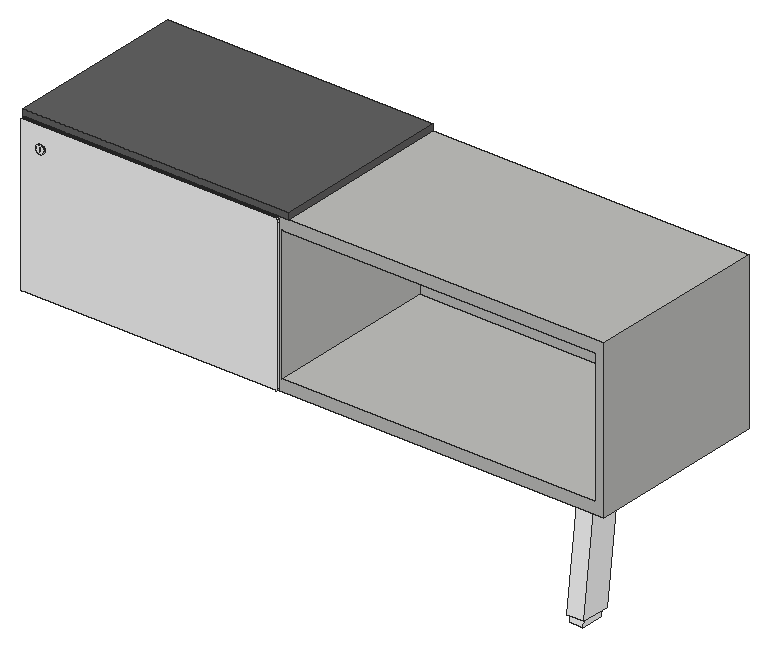
Revit family "Storage-Mounted-Teknion-JNBDO-Open_Credenza_with_Lateral_File-R2015", category Furniture, Revit 2015
Parameters (values of type "Double-Sided Beam")
  Width [instance] = 54.000"
  Warranty = "http://www.teknion.com/ca/papers/legal-canada"
  Unit Weight URL = "http://www.teknion.com/ca/tools/assets#&asset=bee6a381-b954-425e-8283-5a2de3a804f2,f828d448-4b62-4231-9e5f-9a8991c0ed77"
  URL = "www.teknion.com"
  Sustainability Data = "http://www.teknion.com/ca/tools/assets#&topic=216f99a5-57a0-44fc-b10a-9dee9b29ae4c&asset=444deb64-fe58-4b68-981e-f75e97781df7"
  Sizes Note [instance] = "Available Depths are 18 and 24 inches. Available Widths range from 54 to 84 inches in 6 inch increments."  # constant formula
  Single-Sided Beam Configuration = not([Double-Sided Beam Configuration])  # no
  Series = "Expansion Cityline"  # constant formula
  Seat Pad Width [instance] = 24.000"
  Seat Finish [instance] = Fabric-Teknion-RB11-Carbon
  Product Page URL = "http://www.teknion.com/ca/products/product-details?productlineid=9ad2a26e-8e7a-673b-a6c8-ff05004460c4"
  Product Line = "Expansion Cityline"  # constant formula
  Product Documentation Link = "http://www.teknion.com/pricing/expansion-cityline/pdfs/JNBDO_ppg.pdf"
  Part Number = "JNBDO"  # constant formula
  Note [instance] = "If Metal Front Style Option is selected, please choose a Foundation, Mica, or Accent Finish. If Solid Front Style is selected, please choose between a Source Laminate or Foundation Laminate Finish."  # constant formula
  Model = "JNBDO"  # constant formula
  Manufacturer Phone = "416-661-3370"  # constant formula
  Manufacturer Fax = "416.661.4586"  # constant formula
  Manufacturer Contact Information = "http://www.teknion.com/ca/contactus"
  Manufacturer Address = "1150 Flint Road, Toronto, ON. M3J 2J5. Canada"  # constant formula
  Manufacturer = "Teknion"  # constant formula
  Height [instance] = 24.12496"
  Has Two Feet Option [instance] = not(Has One Foot Option)  # no
  Has Solid Front Style [instance] = not(Has Metal Front Style)  # no
  Has Right Felt Seat Pad [instance] = no
  Has One Foot Option [instance] = yes
  Has Metal Front Style [instance] = yes
  Has Left Felt Seat Pad [instance] = yes
  Front Finish [instance] = Mica - Teknion - V - Satin - Very White
  Foot Finish [instance] = Mica - Teknion - V - Satin - Very White
  Double-Sided Beam Configuration = yes
  Description = "Semi-Suspended Credenza – Open with Lateral File, Double-Sided"
  Depth of Cabinet Door [instance] = if(Has Metal Front Style, 0.118", if(Has Solid Front Style, 0.701", 0.118"))  # 0.118"
  Depth [instance] = 18.000"
  Front Storage Cabinet Length [instance] = if(Width = 54.000", 23.370", if(Width = 60.000", 29.370", if(Width > 65.000", 35.370", 23.370")))  # 23.370"
  Case Finish [instance] = Source Laminate - Teknion - RV - Very White
  Assembly Code = "E2020200"
  Actual Width [instance] = if(Has One Foot Option, Width - 1.500", Width)  # 52.500"
  Actual Depth [instance] = if([Double-Sided Beam Configuration], Depth - 1.693", Depth - 3.386")  # 16.307"
Types (2): name | Single-Sided Beam Configuration | Has Right Felt Seat Pad | Double-Sided Beam Configuration | Description | Actual Depth
  Double-Sided Beam | no | no | yes | "Semi-Suspended Credenza – Open with Lateral File, Double-Sided" | 16.307"
  Single-Sided Beam | yes | yes | no | "Semi-Suspended Credenza – Open with Lateral File, Single-Sided" | 14.614"
Reference planes (in)
  plane 1 "Center Front/Back": y = 0
  plane 2: z = 0
  plane 3 "Center Left/Right": x = 0
  plane 4 "Left": x = -26.25
  plane 5 "Right": x = 26.25
  plane 6 "Back": y = 8.15354
  plane 7 "Front": y = -8.15346
  plane 8 "Top": z = 24.12496
  plane 9: z = 10
  plane 10: y = 7.41339
  plane 11: x = 25.54921
  plane 12: x = -2.88
  plane 13: z = 23.10921
  plane 14: y = -8.35031
  plane 15: y = -8.46831
  plane 16: y = -8.71831
  plane 17: z = 0.60236
  plane 18: x = 22.48228
  plane 19: x = 24.01772
  plane 20: x = 22.65748
  plane 21: x = 23.84252
  plane 22: y = 9.84644
  plane 23: x = -27.75
  plane 24: x = -22.48228
  plane 25: x = -24.01772
  plane 26: x = -22.65748
  plane 27: x = -23.84252
Forms (in)
  Extrusion 1, solid, material "Source Laminate - Teknion - RV - Very White" <- "Case Finish"
    sketch origin (0, 0, 0) x (1, 0, 0) y (0, 1, 0)
      loop
        line (-26.25, 8.15354) -> (-26.25, -8.15346) -> (26.25, -8.15346) -> (26.25, 8.15354) -> (-26.25, 8.15354)
    from 10 to 24.12496
  Extrusion 2, void
    sketch origin (0, 0, 0) x (1, 0, 0) y (0, 0, 1)
      loop
        line (-2.88, 23.10921) -> (-2.88, 11.01575) -> (25.54921, 11.01575) -> (25.54921, 23.10921) -> (-2.88, 23.10921)
    from -7.41339 to 8.15346
  Extrusion 3, solid, material "Mica - Teknion - V - Satin - Very White" <- "Front Finish"
    sketch origin (0, 0, 0) x (1, 0, 0) y (0, 0, 1)
      loop
        line (-26.25, 23.81591) -> (-26.25, 10.36811)
        arc (-26.25, 10.36811) -> (-26.17736, 10.19075) -> (-26, 10.11811) r 0.24803
        line (-26, 10.11811) -> (-3.18906, 10.11811)
        arc (-3.18906, 10.11811) -> (-3.01169, 10.19075) -> (-2.93905, 10.36811) r 0.24803
        line (-2.93905, 10.36811) -> (-2.93905, 23.81591)
        arc (-2.93905, 23.81591) -> (-3.01169, 23.99327) -> (-3.18906, 24.06591) r 0.24803
        line (-3.18906, 24.06591) -> (-26, 24.06591)
        arc (-26, 24.06591) -> (-26.17736, 23.99327) -> (-26.25, 23.81591) r 0.24803
    from 8.35031 to 8.46831
  Extrusion 4, void
    sketch origin (0, 0, 0) x (1, 0, 0) y (0, 0, 1)
      loop
        circle (-24.41953, 22.17662) r 0.39415
    from 8.35031 to 8.71831
  Extrusion 5, solid, material "Mica - Teknion - V - Satin - Very White"
    sketch origin (0, 0, 0) x (1, 0, 0) y (0, 0, 1)
      loop
        circle (-24.41953, 22.17662) r 0.39415
      loop
        line (-24.4685, 21.98913) -> (-24.37007, 21.98913) -> (-24.37007, 22.36315) -> (-24.4685, 22.36315) -> (-24.4685, 21.98913)
    from 8.35031 to 8.52736
  Extrusion 6, solid, material "Mica - Teknion - V - Satin - Very White" <- "Foot Finish"
    sketch origin (0, 0, 0) x (0, 1, 0) y (0, 0, 1)
      loop
        line (-6.37615, 10) -> (-7.61337, 0.60236) -> (-5.0918, 0.60236) -> (-3.85458, 10) -> (-6.37615, 10)
    from 22.48228 to 24.01772
  Extrusion 7, solid, material "Mica - Teknion - V - Satin - Very White" <- "Foot Finish"
    sketch origin (0, 0, 0) x (0, 1, 0) y (0, 0, 1)
      loop
        line (-5.51965, 0) -> (-5.44035, 0.60236) -> (-7.47439, 0.60236) -> (-7.55369, 0) -> (-5.51965, 0)
    from 22.65748 to 23.84252
  Extrusion 8, solid, material "Mica - Teknion - V - Satin - Very White" <- "Foot Finish", visible <- "Has Two Feet Option"
    sketch origin (0, 0, 0) x (0, 1, 0) y (0, 0, -1)
      loop
        line (-6.37615, -10) -> (-3.85458, -10) -> (-5.0918, -0.60236) -> (-7.61337, -0.60236) -> (-6.37615, -10)
    from 22.48228 to 24.01772
  Extrusion 9, solid, material "Mica - Teknion - V - Satin - Very White" <- "Foot Finish", visible <- "Has Two Feet Option"
    sketch origin (0, 0, 0) x (0, 1, 0) y (0, 0, -1)
      loop
        line (-5.51965, 0) -> (-7.55369, 0) -> (-7.47439, -0.60236) -> (-5.44035, -0.60236) -> (-5.51965, 0)
    from 22.65748 to 23.84252
  Extrusion 10, solid, material "Fabric-Teknion-RB11-Carbon" <- "Seat Finish", visible <- "Has Left Felt Seat Pad"
    sketch origin (0, 0, 0) x (1, 0, 0) y (0, 1, 0)
      loop
        line (-26.25, 8.15354) -> (-26.25, -8.15346) -> (-2.25, -8.15346) -> (-2.25, 8.15354) -> (-26.25, 8.15354)
    from 24.12496 to 24.67618
  Extrusion 11, solid, material "Fabric-Teknion-RB11-Carbon" <- "Seat Finish", visible <- "Has Right Felt Seat Pad"
    sketch origin (0, 0, 0) x (-1, 0, 0) y (0, -1, 0)
      loop
        line (-26.25, -8.15354) -> (-2.25, -8.15354) -> (-2.25, 8.15346) -> (-26.25, 8.15346) -> (-26.25, -8.15354)
    from 24.12496 to 24.67618
Cuts and joins
  Extrusion 2 cuts Extrusion 1
  Extrusion 4 cuts Extrusion 3
Lines and regions (in)
  Masking region 1
    outline origin (0, 0, 0) x (1, 0, 0) y (0, 1, 0)
      loop
        line (-26.25, 8.15354) -> (-26.25, -8.15346) -> (26.25, -8.15346) -> (26.25, 8.15354) -> (-26.25, 8.15354)
  Masking region 2, visible <- "Has Two Feet Option", detail levels medium+fine
    outline origin (0, 0, 0) x (1, 0, 0) y (0, 1, 0)
      loop
        line (-24.01772, -3.85458) -> (-24.01772, -7.61337) -> (-22.48228, -7.61337) -> (-22.48228, -3.85458) -> (-24.01772, -3.85458)
  Masking region 3, detail levels medium+fine
    outline origin (0, 0, 0) x (1, 0, 0) y (0, 1, 0)
      loop
        line (24.01772, -3.85458) -> (22.48228, -3.85458) -> (22.48228, -7.61337) -> (24.01772, -7.61337) -> (24.01772, -3.85458)
  Masking region 4
    outline origin (0, 0, 0) x (1, 0, 0) y (0, 1, 0)
      loop
        line (-2.93905, -8.46831) -> (-2.93905, -8.35031) -> (-26.25, -8.35031) -> (-26.25, -8.46831) -> (-2.93905, -8.46831)
  Masking region 5, visible <- "Has Left Felt Seat Pad"
    outline origin (0, 0, 0) x (1, 0, 0) y (0, 1, 0)
      loop
        line (-2.25, -8.15346) -> (-2.25, 8.15354) -> (-26.25, 8.15354) -> (-26.25, -8.15346) -> (-2.25, -8.15346)
  Masking region 6, visible <- "Has Right Felt Seat Pad"
    outline origin (0, 0, 0) x (1, 0, 0) y (0, 1, 0)
      loop
        line (2.25, 8.15354) -> (2.25, -8.15346) -> (26.25, -8.15346) -> (26.25, 8.15354) -> (2.25, 8.15354)
  symbolic lines, style "FurnitureHiddenLines", visible <- "Has Two Feet Option", detail levels fine
    curve 1: line (-23.84252, -5.44035, 0) -> (-23.84252, -7.55369, 0)
    curve 2: line (-22.65748, -5.44035, 0) -> (-23.84252, -5.44035, 0)
    curve 3: line (-22.65748, -7.55369, 0) -> (-22.65748, -5.44035, 0)
    curve 4: line (-23.84252, -7.55369, 0) -> (-22.65748, -7.55369, 0)
  symbolic lines, style "FurnitureHiddenLines", detail levels fine
    curve 5: line (-2.88, 7.41339, 0) -> (-2.88, -8.15346, 0)
    curve 6: line (25.54921, 7.41339, 0) -> (-2.88, 7.41339, 0)
    curve 7: line (25.54921, -8.15346, 0) -> (25.54921, 7.41339, 0)
    curve 8: line (23.84252, -5.44035, 0) -> (22.65748, -5.44035, 0)
    curve 9: line (22.65748, -5.44035, 0) -> (22.65748, -7.55369, 0)
    curve 10: line (22.65748, -7.55369, 0) -> (23.84252, -7.55369, 0)
    curve 11: line (23.84252, -7.55369, 0) -> (23.84252, -5.44035, 0)
Dimensions and locks (in)
  "Actual Width": plane 4 "Left" to plane 5 "Right"
  "Actual Depth": plane 6 "Back" to plane 7 "Front"
  "Height": plane 8 "Top" to level
  locked: plane 8 "Top" to plane 9 at 14.12496
  locked: plane 8 "Top" to plane 13 at 1.01575
  locked: plane 14 to plane 7 "Front" at 0.19685
  locked: plane 15 to plane 16 at 0.25
  Extrusion 5 sketch curve to plane 4 "Left" = 1.83047"
  Extrusion 5 sketch curve to Extrusion 5 sketch curve to plane 4 "Left" = 0.09843" locked, 1.7815" locked
  plane 8 "Top" to Extrusion 5 sketch curve to Extrusion 5 sketch curve = 1.76181" locked, 0.37402" locked
  locked: Extrusion 5 to plane 15 at 0.05906
  locked: plane 17 to plane 2 at 0.60236
  Extrusion 6 sketch curve to Extrusion 6 sketch curve to Extrusion 6 sketch curve to Extrusion 6 sketch curve to plane 7 "Front" = 1.23722" locked, 1.28435" locked, 1.23722" locked, 0.54009" locked
  plane 6 "Back" to plane 1 "Center Front/Back" to plane 7 "Front" = 8.15354", 8.15346"
  equal spacing: plane 4 "Left", plane 3 "Center Left/Right", plane 5 "Right"
  plane 18 to plane 19 to plane 11 = 1.53543" locked, 1.5315" locked
  locked: plane 11 to plane 5 "Right" at 0.70079
  locked: Extrusion 7 sketch curve to plane 7 "Front" at 0.67907
  locked: Extrusion 7 sketch curve to plane 7 "Front" at 2.71311
  Extrusion 7 sketch curve to Extrusion 7 sketch curve to plane 7 "Front" = 2.03404" locked, 0.59977" locked
  locked: plane 18 to plane 20 at 0.1752
  locked: plane 21 to plane 19 at 0.1752
  "Depth of Cabinet Door": plane 14 to plane 15
  plane 12 to Extrusion 3 sketch curve to Extrusion 3 sketch curve to Extrusion 3 sketch curve = 0.05905" locked, 0.24803" locked, 0.000" locked
  Extrusion 8 sketch curve to Extrusion 8 sketch curve to Extrusion 8 sketch curve to Extrusion 8 sketch curve to plane 7 "Front" = 1.23722" locked, 1.28435" locked, 1.23722" locked, 0.54009" locked
  plane 24 to plane 25 to plane 4 "Left" = 1.53543" locked, 2.23228" locked
  Extrusion 9 sketch curve to Extrusion 9 sketch curve to plane 7 "Front" = 2.03404" locked, 0.59977" locked
  locked: plane 24 to plane 26 at 0.1752
  locked: plane 27 to plane 25 at 0.1752
  locked: Extrusion 3 sketch curve to plane 4 "Left" at 0.24803  (x2)
  plane 8 "Top" to Extrusion 3 sketch curve to Extrusion 3 sketch curve = 0.05906" locked, 0.24803" locked
  Extrusion 3 sketch curve to Extrusion 3 sketch curve to plane 9 = 0.24803" locked, 0.11811" locked
  "Front Storage Cabinet Length": plane 4 "Left" to plane 12
  locked: Extrusion 10 to plane 8 "Top" at 0.55122
  "Seat Pad Width": Extrusion 10 sketch curve to Extrusion 10 sketch curve
  "Seat Pad Width": Extrusion 11 sketch curve to Extrusion 11 sketch curve
  locked: Extrusion 6 sketch curve to plane 17 (angle 82.50°)
  locked: plane 17 to Extrusion 6 sketch curve (angle 97.50°)
  locked: Extrusion 7 sketch curve to plane 2 (angle 82.50°)
  locked: plane 2 to Extrusion 7 sketch curve (angle 97.50°)
  locked: Extrusion 9 sketch curve to plane 2 (angle 82.50°)
  locked: plane 2 to Extrusion 9 sketch curve (angle 97.50°)
  locked: Extrusion 8 sketch curve to plane 17 (angle 82.50°)
  locked: plane 17 to Extrusion 8 sketch curve (angle 97.50°)
  aligned and locked: level to plane 2
  aligned and locked: Extrusion 1 sketch curve to plane 6 "Back"
  aligned and locked: Extrusion 1 sketch curve to plane 4 "Left"
  aligned and locked: Extrusion 1 sketch curve to plane 7 "Front"
  aligned and locked: Extrusion 1 sketch curve to plane 5 "Right"
  aligned and locked: plane 9 to Extrusion 1
  aligned and locked: plane 8 "Top" to Extrusion 1
  aligned and locked: Extrusion 2 to plane 10
  aligned and locked: Extrusion 2 to plane 12
  aligned and locked: plane 7 "Front" to Extrusion 2
  aligned and locked: plane 11 to Extrusion 2
  aligned and locked: Extrusion 2 to plane 13
  aligned and locked: Extrusion 3 sketch curve to plane 4 "Left"
  aligned and locked: plane 14 to Extrusion 3
  aligned and locked: plane 15 to Extrusion 3
  aligned and locked: plane 14 to Extrusion 4
  aligned and locked: Extrusion 4 to plane 16
  aligned and locked: Extrusion 5 sketch curve to cut or joined group of Extrusion 3, Extrusion 4  (x2)
  aligned and locked: plane 14 to Extrusion 5
  aligned and locked: Extrusion 6 sketch curve to plane 17
  aligned and locked: Extrusion 6 to plane 19
  aligned and locked: plane 18 to Extrusion 6
  aligned and locked: plane 17 to Extrusion 7 sketch curve
  aligned and locked: plane 2 to Extrusion 7 sketch curve
  aligned and locked: Extrusion 7 to plane 20
  aligned and locked: plane 21 to Extrusion 7
  aligned and locked: plane 25 to Extrusion 8
  aligned and locked: Extrusion 8 to plane 24
  aligned and locked: plane 26 to Extrusion 9
  aligned and locked: plane 27 to Extrusion 9
  aligned and locked: Extrusion 9 sketch curve to plane 17
  aligned and locked: Extrusion 9 sketch curve to plane 2
  aligned and locked: Extrusion 8 sketch curve to plane 17
  aligned and locked: Masking region 1 sketch curve to plane 4 "Left"
  aligned and locked: Masking region 1 sketch curve to plane 6 "Back"
  aligned and locked: Masking region 1 sketch curve to plane 5 "Right"
  aligned and locked: Masking region 1 sketch curve to plane 7 "Front"
  aligned and locked: Masking region 2 sketch curve to Extrusion 8  (x4)
  aligned and locked: curve 1 to Extrusion 9
  aligned and locked: curve 2 to Extrusion 9
  aligned and locked: curve 3 to Extrusion 9
  aligned and locked: curve 4 to Extrusion 9
  aligned and locked: curve 5 to cut or joined group of Extrusion 1, Extrusion 2
  aligned and locked: curve 6 to cut or joined group of Extrusion 1, Extrusion 2
  aligned and locked: curve 7 to cut or joined group of Extrusion 1, Extrusion 2
  aligned and locked: Masking region 3 sketch curve to Extrusion 6  (x4)
  aligned and locked: curve 8 to Extrusion 7
  aligned and locked: curve 9 to Extrusion 7
  aligned and locked: curve 10 to Extrusion 7
  aligned and locked: curve 11 to Extrusion 7
  aligned and locked: Masking region 4 sketch curve to cut or joined group of Extrusion 3, Extrusion 4  (x2)
  aligned and locked: cut or joined group of Extrusion 3, Extrusion 4 to Masking region 4 sketch curve  (x2)
  aligned and locked: Extrusion 10 sketch curve to plane 6 "Back"
  aligned and locked: Extrusion 10 sketch curve to plane 7 "Front"
  aligned and locked: Extrusion 10 sketch curve to plane 4 "Left"
  aligned and locked: Extrusion 10 to plane 8 "Top"
  aligned and locked: plane 6 "Back" to Masking region 5 sketch curve
  aligned and locked: Extrusion 11 sketch curve to plane 5 "Right"
  aligned and locked: Extrusion 11 sketch curve to plane 7 "Front"
  aligned and locked: Extrusion 11 sketch curve to plane 6 "Back"
  aligned and locked: Masking region 5 sketch curve to Extrusion 10
  aligned and locked: Masking region 6 sketch curve to Extrusion 11  (x2)
  aligned and locked: Masking region 6 sketch curve to plane 5 "Right"
  aligned and locked: plane 7 "Front" to Masking region 6 sketch curve
Automatic sketch dimensions
  plane 7 "Front" to curve 7 = 0.000"
  plane 7 "Front" to curve 5 = 0.000"
  Extrusion 2 sketch curve to plane 12 = 0.000"
  Extrusion 2 sketch curve to plane 11 = 0.000"
  Extrusion 2 sketch curve to plane 13 = 0.000"
  Extrusion 2 sketch curve to plane 9 = 1.01575"
  Extrusion 3 sketch curve to Extrusion 3 sketch curve = 0.00198"  (x4)
  Extrusion 3 sketch curve to Extrusion 3 sketch curve = 0.24803"
  Extrusion 3 sketch curve to plane 8 "Top" = 0.30906"
  Extrusion 4 sketch curve to plane 25 = 0.40181"
  plane 13 to Extrusion 4 sketch curve = 0.9326"
  Masking region 5 sketch curve to plane 4 "Left" = 0.000"
  plane 7 "Front" to Masking region 5 sketch curve = 0.000"
  radius of Extrusion 4 sketch curve = 0.39415"
